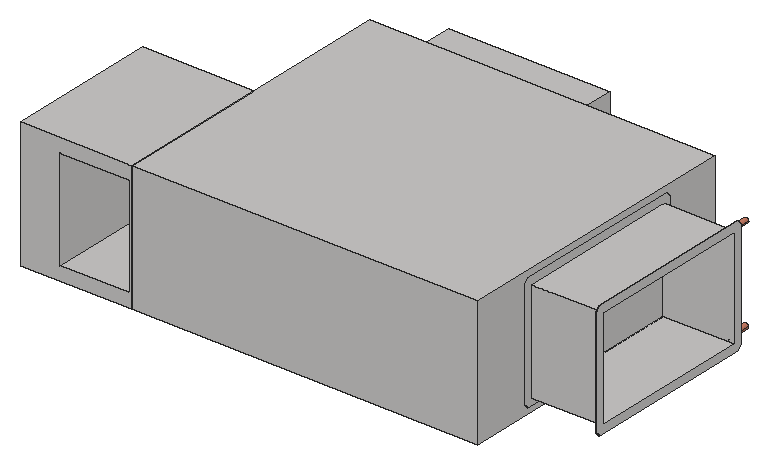
Revit family
Parameters
  Width = 3' - 1"
  Voltage = 120 V
  Unit Weight = if(and(Size Option = 1, Number of Rows = 1), "189.0 lbs", if(and(Size Option = 1, Number of Rows = 2), "192.0 lbs", if(and(Size Option = 2, Number of Rows = 1), "194.0 lbs", if(and(Size Option = 2, Number of Rows = 2), "197.0 lbs", "0"))))  # "189.0 lbs"
  UltraLoc Liner = Choose Liner Option = 3  # no
  URL = "http://www.titus-hvac.com/"
  UL = "181"
  Supply Air Flow [instance] = 0 CFM
  SteriLoc Liner = Choose Liner Option = 2  # no
  Size Option = 1
  Size C = Size Option = 2  # no
  Size B = Size Option = 1  # yes
  Secondary Material = Copper Connectors
  Primary Air Pressure Drop [instance] = 0.00 in-wg
  Primary Air Flow [instance] = 0 CFM
  Pressure [instance] = 0.00 psi
  Plenum Air Pressure Drop [instance] = 0.00 in-wg
  Plenum Air Flow [instance] = 0 CFM
  Outlet Width = 1' - 8 1/2"
  Outlet Height = 1' - 0 1/2"
  Number of Rows = 1
  Number of Poles = 1
  Nominal Width = Width + 0' 6 1/4"  # 3' - 7 1/4"
  Nominal Length = Length + 1' 1 7/8" + 0' 9"  # 5' - 5 7/8"
  Nominal Inlet Size = 0' - 10"
  Nominal Height = 1' - 4"
  NFPA = "90A"
  Motor Full Load Amps [instance] = 2.3 A
  Model = "DTFS-F"
  Min. Air Flow = 0 CFM
  Max. Air Flow = 1400 CFM
  Material = Galvanized Steel
  Manufacturer = "Titus"
  Length = 3' - 7"
  Juction Box Offset = 0' - 4 7/8"
  Inlet Diameter = Nominal Inlet Size - 0' 0 1/8"  # 0' - 9 7/8"
  Induced Air Inlet Width = 1' - 1 7/8"
  Induced Air Inlet Offset = (Height - Induced Air Inlet Connection Height) / 2  # 0' - 1 11/16"
  Induced Air Inlet Height = 1' - 7"
  Induced Air Inlet Connection Width = 0' - 8 3/4"
  Induced Air Inlet Connection Height = 1' - 0 5/8"
  Induced Air Filter = no
  Height = 1' - 4"
  Heating Total Capacity [instance] = 0 Btu/h
  Heating Entering Water Temp = 0 °F
  Half Outlet Connection Width = Outlet Width / 2  # 0' - 10 1/4"
  Half Outlet Connection Height = Outlet Height / 2  # 0' - 6 1/4"
  Half Height Start = -(Height / 2)  # -0' - 8"
  Half Height End = Height / 2  # 0' - 8"
  HWC Option = HWC Section : B-C - 1 Row
  HWC Connector Radius = 5/16"
  HP-Motor = "1/6"
  Gallons Per Minute [instance] = 0 GPM
  Frequency = 60 Hz
  Flange Offset = 0' - 1"
  Filter Size = "11\"x14\""
  Fiber Free Liner = Choose Liner Option = 1  # no
  Fan Disconnect Switch = no
  Duct Radius = Nominal Inlet Size / 2  # 0' - 5"
  Description = "Ultra Quiet Series Fan Powered Terminal Unit, Direct Digital Control, Pressure Independent"
  Connector Vertical Offset = 0' - 11 3/4"
  HWC Connector Length = 0' - 3"
  Connector Horizontal Offset = if(Number of Rows = 1, 0' 0", if(Number of Rows = 2, 0' 1", 0' 0"))  # 0' - 0"
  Connection Void Radius = Connection Radius - 0' 0 1/4"  # 0' - 4 11/16"
  Connection Radius = Inlet Diameter / 2  # 0' - 4 15/16"
  Choose Liner Option = 0
  CADworks URL = "www.CADworks.net"
  Assembly Code = "D3040100"
  Apparent Power [instance] = Voltage * Motor Full Load Amps  # 276 VA
  Air Inlet Offset = 0' - 7"
  1/2" Fiberglass Liner = Choose Liner Option = 0  # yes
  1" Fiberglass Liner = Choose Liner Option = 4  # no
Reference planes (in)
  plane 1 "Center (Front/Back)": y = 0
  plane 2: z = 0
  plane 3 "Center (Left/Right)": x = 3
  plane 4: x = -18.5
  plane 5: x = 24.5
  plane 6: x = -13.625
  plane 7: x = -21.875
  plane 8: z = 0
  plane 9: y = -18.5
  plane 10: y = 18.5
  plane 11: y = 11.5
  plane 12: z = 0
  plane 13: x = 33.5
  plane 14: x = 32.5
  plane 15: y = 13.25
  plane 16: y = 10.25
  plane 17: z = 5.875
  plane 18: z = -5.875
  plane 19: x = 32.5
  plane 20: x = -32.375
  plane 21: y = 24.75
  plane 22: z = 8
  plane 23: z = -8
Forms (in)
  Extrusion 1, solid, material "Galvanized Steel" <- "Material"
    sketch origin (0, 0, 0) x (1, 0, 0) y (0, 1, 0)
      loop
        line (-18.5, 18.5) -> (-18.5, -18.5) -> (24.5, -18.5) -> (24.5, 18.5) -> (-18.5, 18.5)
    from -8 <- "Half Height Start" to 8 <- "Half Height End"
  Extrusion 2, solid, material "Galvanized Steel" <- "Material"
    sketch origin (0, 0, 0) x (1, 0, 0) y (0, 1, 0)
      loop
        line (-32.375, 0.5) -> (-32.375, -18.5) -> (-18.5, -18.5) -> (-18.5, 0.5) -> (-32.375, 0.5)
    from -8 <- "Half Height Start" to 8 <- "Half Height End"
  Extrusion 3, void
    sketch origin (0, -18.5, 0) x (1, 0, 0) y (0, 0, -1)
      loop
        line (-18.75, 6.3125) -> (-27.5, 6.3125) -> (-27.5, -6.3125) -> (-18.75, -6.3125) -> (-18.75, 6.3125)
    from 0 to 16
  Extrusion 4, solid, material "Galvanized Steel" <- "Material"
    sketch origin (5, 0, 30) x (1, 0, 0) y (0, 1, 0)
      loop
        line (-18.625, 18.5) -> (1.375, 18.5) -> (1.375, 24.75) -> (-18.625, 24.75) -> (-18.625, 18.5)
    from -36 to -24
  Extrusion 5, solid, material "Galvanized Steel" <- "Material"
    sketch origin (-24.875, -2, 0) x (0, 0, -1) y (0, 1, 0)
      loop
        circle (0, 13.5) r 4.9375
    from 3 to 6.375
  Extrusion 6, void
    sketch origin (-24.875, 0, 0) x (0, 1, 0) y (0, 0, 1)
      loop
        circle (11.5, 0) r 4.6875
    from 3 to 11.25
  Extrusion 7, void, detail levels fine
    sketch origin (33.5, -10.25, 6.25) x (0, 0, 1) y (0, -1, 0)
      loop
        line (-12.5, 0) -> (-12.5, -20.5) -> (0, -20.5) -> (0, 0) -> (-12.5, 0)
    from -0.0625 to 0
  Extrusion 8, solid, material "Copper Connectors" <- "Secondary Material", detail levels fine
    sketch origin (0, 0, 0) x (1, 0, 0) y (0, 0, 1)
      loop
        circle (32.5, 5.875) r 0.3125
    from -13.25 to -10.3125
  Extrusion 9, solid, material "Copper Connectors" <- "Secondary Material", detail levels fine
    sketch origin (0, 0, 0) x (1, 0, 0) y (0, 0, 1)
      loop
        circle (32.5, -5.875) r 0.3125
    from -13.25 to -10.3125
Cuts and joins
  Extrusion 3 cuts Extrusion 2
  Extrusion 6 cuts Extrusion 1
  Extrusion 6 cuts Extrusion 5
Dimensions and locks (in)
  "Length": plane 5 to plane 4
  equal spacing: plane 5, plane 3 "Center (Left/Right)", plane 4
  locked: Extrusion 4 to plane 6 at 0
  locked: Extrusion 4 to Extrusion 4 at 20
  "Juction Box Offset": plane 6 to plane 4
  locked: plane 4 to plane 7 at 3.375
  "Width": plane 9 to plane 10
  equal spacing: plane 9, plane 1 "Center (Front/Back)", plane 10
  locked: Extrusion 5 sketch curve to level at 0
  locked: Extrusion 5 sketch curve to plane 11 at 0
  locked: Extrusion 6 sketch curve to level at 0
  locked: Extrusion 6 sketch curve to plane 11 at 0
  locked: Extrusion 4 to Extrusion 4 at 6.25
  locked: Extrusion 4 to Extrusion 4 at 12
  equal spacing: Extrusion 4, plane 8, Extrusion 4
  "Air Inlet Offset": plane 10 to plane 11
  "Induced Air Inlet Height": cut or joined group of Extrusion 2, Extrusion 3 to cut or joined group of Extrusion 2, Extrusion 3
  locked: cut or joined group of Extrusion 5, Extrusion 6 to cut or joined group of Extrusion 5, Extrusion 6 at 3.375
  "Induced Air Inlet Connection Height": Extrusion 3 sketch curve to Extrusion 3 sketch curve
  "Induced Air Inlet Offset": Extrusion 3 sketch curve to cut or joined group of Extrusion 2, Extrusion 3
  "Induced Air Inlet Connection Width": Extrusion 3 sketch curve to Extrusion 3 sketch curve
  locked: Extrusion 3 sketch curve to cut or joined group of Extrusion 1, Extrusion 6 at 0.25
  locked: plane 5 to plane 13 at 9
  locked: plane 14 to plane 13 at 1
  locked: plane 17 to plane 18 at 11.75
  equal spacing: plane 17, plane 12, plane 18
  "Connector Horizontal Offset": plane 19 to plane 14
  "HWC Connector Length": plane 16 to plane 15
  locked: cut or joined group of Extrusion 2, Extrusion 3 to cut or joined group of Extrusion 2, Extrusion 3 at 16
  equal spacing: cut or joined group of Extrusion 2, Extrusion 3, plane 12, cut or joined group of Extrusion 2, Extrusion 3
  locked: cut or joined group of Extrusion 1, Extrusion 6 to cut or joined group of Extrusion 2, Extrusion 3 at 16
  equal spacing: cut or joined group of Extrusion 1, Extrusion 6, plane 12, cut or joined group of Extrusion 1, Extrusion 6
  locked: cut or joined group of Extrusion 2, Extrusion 3 to cut or joined group of Extrusion 2, Extrusion 3 at 13.875
  locked: nested 1 to cut or joined group of Extrusion 1, Extrusion 6 at 1.6875
  locked: cut or joined group of Extrusion 1, Extrusion 6 to nested 1 at 1.6875
  "Connection Radius": radius of Extrusion 5 sketch curve
  "Connection Void Radius": radius of Extrusion 6 sketch curve
  "HWC Connector Radius": radius of Extrusion 8 sketch curve
  "HWC Connector Radius": radius of Extrusion 9 sketch curve
  aligned and locked: plane 10 to Extrusion 4
  aligned and locked: plane 7 to cut or joined group of Extrusion 5, Extrusion 6
  aligned and locked: plane 9 to cut or joined group of Extrusion 2, Extrusion 3  (x3)
  aligned and locked: nested 1 to Extrusion 8
  aligned and locked: plane 15 to Extrusion 8
  aligned and locked: nested 1 to Extrusion 9
  aligned and locked: plane 15 to Extrusion 9
  aligned and locked: plane 5 to cut or joined group of Extrusion 1, Extrusion 6
  aligned and locked: cut or joined group of Extrusion 1, Extrusion 6 to plane 10
  aligned and locked: plane 9 to cut or joined group of Extrusion 1, Extrusion 6
  aligned and locked: cut or joined group of Extrusion 1, Extrusion 6 to plane 4
  aligned and locked: cut or joined group of Extrusion 1, Extrusion 6 to nested 1
  aligned and locked: cut or joined group of Extrusion 5, Extrusion 6 to cut or joined group of Extrusion 1, Extrusion 6
  aligned and locked: cut or joined group of Extrusion 2, Extrusion 3 to cut or joined group of Extrusion 1, Extrusion 6
  aligned and locked: Extrusion 6 to plane 7
  aligned and locked: plane 6 to Extrusion 6
  aligned and locked: plane 22 to cut or joined group of Extrusion 2, Extrusion 3
  aligned and locked: plane 22 to cut or joined group of Extrusion 1, Extrusion 6
  aligned and locked: plane 23 to cut or joined group of Extrusion 2, Extrusion 3
  aligned and locked: plane 23 to cut or joined group of Extrusion 1, Extrusion 6
  aligned and locked: plane 21 to Extrusion 4
  aligned and locked: plane 20 to cut or joined group of Extrusion 2, Extrusion 3
  aligned and locked: plane 13 to nested 1
Automatic sketch dimensions
  Extrusion 1 sketch curve to plane 4 = 0' - 0"
  Extrusion 1 sketch curve to plane 5 = 0' - 0"
  Extrusion 1 sketch curve to plane 9 = 0' - 0"
  Extrusion 1 sketch curve to plane 10 = 0' - 0"
  Extrusion 2 sketch curve to plane 4 = 0' - 0"
  Extrusion 2 sketch curve to plane 9 = 0' - 0"
  Extrusion 2 sketch curve to plane 1 "Center (Front/Back)" = 0' - 0 1/2"
  Extrusion 4 sketch curve to plane 6 = 0' - 0"
  Extrusion 4 sketch curve to plane 10 = 0' - 0"
  plane 3 "Center (Left/Right)" to Extrusion 4 sketch curve = 0' - 3 3/8"
  Extrusion 4 sketch curve to plane 10 = 0' - 6 1/4"
  Extrusion 2 sketch curve to plane 7 = 0' - 10 1/2"
  Extrusion 7 sketch curve to nested 1 = 0' - 0"  (x4)
  Extrusion 8 sketch curve to plane 17 = 0' - 0"
  Extrusion 8 sketch curve to plane 19 = 0' - 0"
  Extrusion 9 sketch curve to plane 14 = 0' - 0"
  Extrusion 9 sketch curve to plane 18 = 0' - 0"
Nested families (in)
  nested 1: "HWC Section" at (29, 0, 0) x (0, 1, 0) z (0, 0, 1), type <- "HWC Option", type "B-C - 1 Row"
Connectors (in)
  electrical at (-3.625, 24.75, 0), driven by "Apparent Power", driven by "Voltage", driven by "Number of Poles"
    settings: on Extrusion 4, index 8
  hvac at (-21.875, 11.5, 0), driven by "Duct Radius", driven by "Primary Air Pressure Drop", driven by "Primary Air Flow"
    settings: on cut or joined group of Extrusion 5, Extrusion 6, index 9
  hvac at (-23.125, -18.5, 0), driven by "Induced Air Inlet Connection Height", driven by "Induced Air Inlet Connection Width", driven by "Plenum Air Pressure Drop", driven by "Plenum Air Flow"
    settings: on cut or joined group of Extrusion 2, Extrusion 3, index 10
  hvac at (33.5, 0, 0), driven by "Outlet Height", driven by "Outlet Width", driven by "Supply Air Flow"
    settings: on Extrusion 7, index 11
  piping at (32.5, 13.25, 5.875), driven by "Gallons Per Minute", driven by "Pressure", driven by "HWC Connector Radius"
    settings: on Extrusion 8, index 12
  piping at (32.5, 13.25, -5.875), driven by "Gallons Per Minute", driven by "HWC Connector Radius", driven by "Pressure"
    settings: on Extrusion 9, index 13
Definition of nested family "HWC Section"
  Parameters (values of type "B-C - 1 Row")
    Visibility = yes
    Secondary Material = Copper Connectors
    Number of Rows = 1
    Material = Galvanized Steel
    Half Width = HWC Width / 2  # 0' - 10 1/4"
    Half Length-Start = -(HWC Length / 2)  # -0' - 4 1/2"
    Half Length-End = HWC Length / 2  # 0' - 4 1/2"
    HWC Connection Radius = 5/16"
    Flange Offset = 0' - 1"
    Duct Vertical Offset = HWC Height - 0' 0 1/2"  # 1' - 0"
    Duct Horizontal Offset = HWC Width - 0' 0 1/2"  # 1' - 8"
    Connector Vertical Offset = 0' - 11 3/4"
    HWC Width = 1' - 8 1/2"
    HWC Height = 1' - 0 1/2"
    HWC Length = 0' - 9"  # constant formula
    Gallons Per Minute = 0 GPM
    Connector Length = 0' - 3"
    Connector Horizontal Offset = 0' - 0"
  Types (5): name | Number of Rows | Half Width | Flange Offset | Duct Vertical Offset | Duct Horizontal Offset | Connector Vertical Offset | HWC Width | HWC Height | Connector Horizontal Offset
    (no name) | 1 | 0' - 10 1/4" | 0' - 1" | 1' - 0" | 1' - 8" | 0' - 11 3/4" | 1' - 8 1/2" | 1' - 0 1/2" | 0' - 0"
    B-C - 1 Row | 1 | 0' - 10 1/4" | 0' - 1" | 1' - 0" | 1' - 8" | 0' - 11 3/4" | 1' - 8 1/2" | 1' - 0 1/2" | 0' - 0"
    B-C - 2 Row | 2 | 0' - 10 1/4" | 0' - 1" | 1' - 0" | 1' - 8" | 0' - 11 3/4" | 1' - 8 1/2" | 1' - 0 1/2" | 0' - 1"
    D-E - 1 Row | 1 | 1' - 0 1/2" | 0' - 1 1/4" | 1' - 5" | 2' - 0 1/2" | 1' - 4 1/4" | 2' - 1" | 1' - 5 1/2" | 0' - 0"
    D-E - 2 Row | 2 | 1' - 0 1/2" | 0' - 1 1/4" | 1' - 5" | 2' - 0 1/2" | 1' - 4 3/4" | 2' - 1" | 1' - 5 1/2" | 0' - 1"
  Reference planes (in)
    plane 1 "Center (Front/Back)": y = 0
    plane 2: z = 0
    plane 3 "Center (Left/Right)": x = 0
    plane 4: x = -10.25
    plane 5: x = 10.25
    plane 6: y = 4.5
    plane 7: y = -4.5
    plane 8: z = 6.25
    plane 9: z = -6.25
    plane 10: z = 5.875
    plane 11: z = -5.875
    plane 12: y = 3.5
    plane 13: y = 3.5
    plane 14: x = 13.25
  Forms (in)
    Extrusion 1, solid, material "Galvanized Steel" <- "Material", visible <- "Visibility"
      sketch origin (0, 0, 0) x (1, 0, 0) y (0, 0, 1)
        loop
          line (-10.3125, 6.3125) -> (-10.3125, -6.3125) -> (10.3125, -6.3125) -> (10.3125, 6.3125) -> (-10.3125, 6.3125)
      from -4.375 <- "Half Length-Start" to 4.5 <- "Half Length-End"
    Extrusion 2, void, detail levels fine
      sketch origin (0, 0, 0) x (1, 0, 0) y (0, 0, 1)
        loop
          line (-10.25, -6.25) -> (10.25, -6.25) -> (10.25, 6.25) -> (-10.25, 6.25) -> (-10.25, -6.25)
      from -4.5 <- "Half Length-Start" to 4.5 <- "Half Length-End"
    Extrusion 3, solid, material "Copper Connectors" <- "Secondary Material", visible <- "Visibility"
      sketch origin (6, 2.625, 0) x (0, 1, 0) y (0, 0, 1)
        loop
          circle (0.875, -5.875) r 0.3125
      from 4.3125 to 7.25
    Extrusion 4, solid, material "Galvanized Steel" <- "Material", visible <- "Visibility"
      sketch origin (0, -4.375, 0) x (1, 0, 0) y (0, 0, 1)
        loop
          line (-10.25, 6.25) -> (-10.25, -6.25) -> (10.25, -6.25) -> (10.25, 6.25) -> (-10.25, 6.25)
        loop
          line (-11.25, 6.75) -> (-11.25, -6.75) -> (-10.75, -7.25) -> (10.75, -7.25) -> (11.25, -6.75) -> (11.25, 6.75) -> (10.75, 7.25) -> (-10.75, 7.25) -> (-11.25, 6.75)
      from 0 to 0.125
    Extrusion 5, solid, material "Copper Connectors" <- "Secondary Material", visible <- "Visibility"
      sketch origin (6, -0.5, 0) x (0, 1, 0) y (0, 0, 1)
        loop
          circle (4, 5.875) r 0.3125
      from 4.3125 to 7.25
    Extrusion 6, solid, material "Galvanized Steel" <- "Material", visible <- "Visibility"
      sketch origin (0, 4.375, 0) x (1, 0, 0) y (0, 0, -1)
        loop
          line (-10.25, -6.25) -> (10.25, -6.25) -> (10.25, 6.25) -> (-10.25, 6.25) -> (-10.25, -6.25)
        loop
          line (-11.25, -6.75) -> (-10.75, -7.25) -> (10.75, -7.25) -> (11.25, -6.75) -> (11.25, 6.75) -> (10.75, 7.25) -> (-10.75, 7.25) -> (-11.25, 6.75) -> (-11.25, -6.75)
      from 0 to 0.125
  Cuts and joins
    Extrusion 2 cuts Extrusion 1
    joined: Extrusion 1, Extrusion 4, Extrusion 6
  Dimensions and locks (in)
    "HWC Width": plane 4 to plane 5
    equal spacing: plane 4, plane 3 "Center (Left/Right)", plane 5
    "HWC Height": plane 8 to plane 9
    equal spacing: plane 8, plane 2, plane 9
    equal spacing: plane 10, plane 2, plane 11
    locked: plane 12 to plane 6 at 1
    "Connector Horizontal Offset": plane 13 to plane 12
    locked: plane 7 to Extrusion 4 at 0.125
    locked: Extrusion 6 to plane 6 at 0.125
    locked: plane 4 to Extrusion 1 sketch curve at 0.0625
    locked: Extrusion 4 to Extrusion 1 sketch curve at 0.0625
    locked: Extrusion 1 sketch curve to plane 8 at 0.0625
    locked: plane 9 to Extrusion 1 sketch curve at 0.0625
    "Connector Length": plane 5 to plane 14
    "HWC Length": plane 6 to plane 7
    equal spacing: plane 6, plane 1 "Center (Front/Back)", plane 7
    "Connector Vertical Offset": plane 10 to plane 11
    equal spacing: plane 10, level, plane 11
    "HWC Width": Extrusion 4 sketch curve to Extrusion 4 sketch curve
    equal spacing: Extrusion 4 sketch curve, plane 3 "Center (Left/Right)", Extrusion 4 sketch curve
    "HWC Height": Extrusion 4 sketch curve to Extrusion 4 sketch curve
    equal spacing: Extrusion 4 sketch curve, plane 2, Extrusion 4 sketch curve
    "Flange Offset": cut or joined group of Extrusion 1, Extrusion 2, Extrusion 4, Extrusion 6 to plane 8
    "Flange Offset": plane 9 to cut or joined group of Extrusion 1, Extrusion 2, Extrusion 4, Extrusion 6
    locked: cut or joined group of Extrusion 1, Extrusion 2, Extrusion 4, Extrusion 6 to plane 4 at 1  (x2)
    locked: cut or joined group of Extrusion 1, Extrusion 2, Extrusion 4, Extrusion 6 to plane 5 at 1  (x2)
    "HWC Width": Extrusion 6 sketch curve to Extrusion 6 sketch curve
    "HWC Height": Extrusion 6 sketch curve to Extrusion 6 sketch curve
    equal spacing: Extrusion 6 sketch curve, plane 3 "Center (Left/Right)", Extrusion 6 sketch curve
    equal spacing: Extrusion 6 sketch curve, plane 2, Extrusion 6 sketch curve
    "HWC Height": Extrusion 2 sketch curve to Extrusion 2 sketch curve
    "HWC Width": Extrusion 2 sketch curve to Extrusion 2 sketch curve
    equal spacing: Extrusion 2 sketch curve, plane 3 "Center (Left/Right)", Extrusion 2 sketch curve
    equal spacing: Extrusion 2 sketch curve, plane 2, Extrusion 2 sketch curve
    locked: plane 5 to Extrusion 3 at 0.0625
    locked: plane 5 to Extrusion 5 at 0.0625
    "Flange Offset": Extrusion 6 sketch curve to plane 8  (x2)
    "Flange Offset": plane 9 to Extrusion 6 sketch curve  (x2)
    "HWC Connection Radius": radius of Extrusion 3 sketch curve
    "HWC Connection Radius": radius of Extrusion 5 sketch curve
    aligned and locked: plane 7 to Extrusion 4
    aligned and locked: plane 6 to Extrusion 6
    aligned and locked: plane 14 to Extrusion 5
    aligned and locked: plane 14 to Extrusion 3
    aligned and locked: Extrusion 6 to cut or joined group of Extrusion 1, Extrusion 2, Extrusion 4, Extrusion 6
    aligned and locked: Extrusion 4 to Extrusion 4
  Automatic sketch dimensions
    Extrusion 3 sketch curve to plane 11 = 0' - 0"
    Extrusion 3 sketch curve to plane 12 = 0' - 0"
    plane 4 to Extrusion 4 sketch curve = 0' - 1"
    plane 4 to Extrusion 4 sketch curve = 0' - 0 1/2"  (x2)
    Extrusion 4 sketch curve to plane 5 = 0' - 0 1/2"  (x2)
    Extrusion 4 sketch curve to Extrusion 4 sketch curve = 0' - 0 1/2"  (x3)
    Extrusion 4 sketch curve to plane 9 = 0' - 0 1/2"  (x2)
    plane 8 to Extrusion 4 sketch curve = 0' - 0 1/2"  (x2)
    Extrusion 5 sketch curve to plane 10 = 0' - 0"
    Extrusion 5 sketch curve to plane 13 = 0' - 0"
    plane 4 to Extrusion 6 sketch curve = 0' - 1"
    plane 4 to Extrusion 6 sketch curve = 0' - 0 1/2"  (x2)
    Extrusion 6 sketch curve to plane 5 = 0' - 0 1/2"  (x2)
    Extrusion 6 sketch curve to Extrusion 6 sketch curve = 0' - 0 1/2"  (x2)
    plane 8 to Extrusion 6 sketch curve = 0' - 0 1/2"  (x2)
    Extrusion 6 sketch curve to plane 9 = 0' - 0 1/2"
